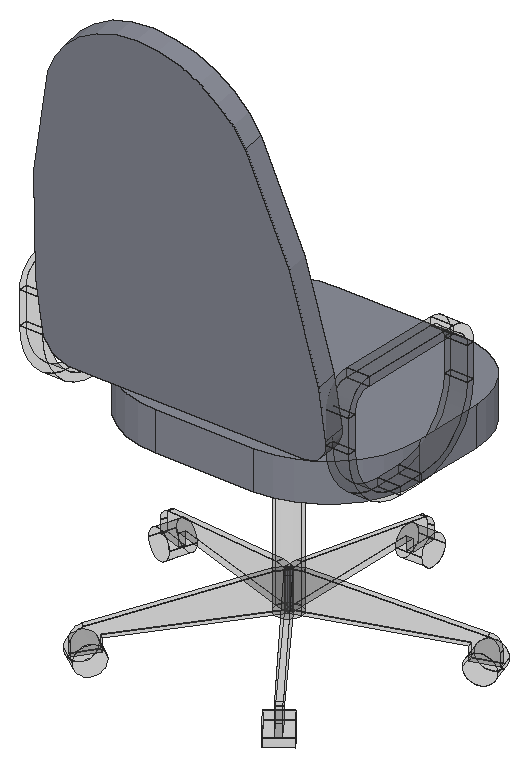
Revit family "Furniture Chair Executive", category Furniture, Revit 2019
Family settings
  Work Plane-Based = No
  Always vertical = Yes
  Cut with Voids When Loaded = No
  Shared = Yes
  Room Calculation Point = No
Parameters (values of type "Chair-Executive (M)")
  Base/Armd Material = Plastic - Black
  Caster Material = Plastic - Black
  Seat/Back Material = Textile - Slate Blue
Reference planes
  plane 1 "Center (Front/Back)": y = 18.946
  plane 2: z = 0
  plane 3 "Center (Left/Right)": x = 140.991
  plane 4: x = 458.491
  plane 5: x = -176.509
  plane 6: y = -323.954
  plane 7: y = 361.846
  plane 8: z = 1066.8
  plane 9: z = 457.2
  plane 10: x = 191.791
  plane 11: x = 90.191
  plane 12: through (0, -131.752, -23.231) normal (0, -0.9848, -0.1736)
  plane 13: x = 414.041
  plane 14: x = -132.059
Forms (mm)
  Extrusion 1, solid, material "Plastic - Black" <- "Base/Armd Material"
    sketch origin (191.791, 0, 0) x (0, -1, 0) y (0, 0, 1)
      loop
        line (19.154, 383.784) -> (-69.746, 383.784) -> (-69.746, 371.084) -> (-18.946, 283.095) -> (19.154, 283.095) -> (19.154, 383.784)
    from 0 to 101.6
  Extrusion 2, solid, material "Plastic - Black" <- "Base/Armd Material"
    sketch origin (140.991, 0, 0) x (0, 1, 0) y (0, 0, 1)
      loop
        line (18.946, 53.584) -> (311.046, 53.584) -> (311.046, 28.184) -> (361.846, 28.184) -> (361.846, 52.487)
        arc (361.846, 52.487) -> (355.903, 68.813) -> (340.857, 77.501) r 25.4
        line (340.857, 77.501) -> (44.346, 129.784) -> (18.946, 129.784) -> (18.946, 53.584)
    from 6.35 to -6.35
  Extrusion 3, solid, material "Plastic - Black" <- "Caster Material"
    sketch origin (140.991, 0, 0) x (0, 1, 0) y (0, 0, 1)
      loop
        circle (336.446, 28.184) r 28.2
    from 25.4 to -25.4
  Extrusion 4, solid, material "Plastic - Black" <- "Base/Armd Material"
    sketch origin (159.009, 13.091, 0) x (-0.951057, 0.309017, 0) y (0, 0, 1)
      loop
        line (18.946, 53.584) -> (311.046, 53.584) -> (311.046, 28.184) -> (361.846, 28.184) -> (361.846, 52.487)
        arc (361.846, 52.487) -> (355.903, 68.813) -> (340.857, 77.501) r 25.4
        line (340.857, 77.501) -> (44.346, 129.784) -> (18.946, 129.784) -> (18.946, 53.584)
    from 6.35 to -6.35
  Extrusion 5, solid, material "Plastic - Black" <- "Caster Material"
    sketch origin (159.009, 13.091, 0) x (-0.951057, 0.309017, 0) y (0, 0, 1)
      loop
        circle (336.446, 28.184) r 28.2
    from 25.4 to -25.4
  Extrusion 6, solid, material "Plastic - Black" <- "Base/Armd Material"
    sketch origin (152.127, 34.273, 0) x (-0.587785, -0.809017, 0) y (0, 0, 1)
      loop
        line (18.946, 53.584) -> (311.046, 53.584) -> (311.046, 28.184) -> (361.846, 28.184) -> (361.846, 52.487)
        arc (361.846, 52.487) -> (355.903, 68.813) -> (340.857, 77.501) r 25.4
        line (340.857, 77.501) -> (44.346, 129.784) -> (18.946, 129.784) -> (18.946, 53.584)
    from 6.35 to -6.35
  Extrusion 7, solid, material "Plastic - Black" <- "Caster Material"
    sketch origin (152.127, 34.273, 0) x (-0.587785, -0.809017, 0) y (0, 0, 1)
      loop
        circle (336.446, 28.184) r 28.2
    from 25.4 to -25.4
  Extrusion 8, solid, material "Plastic - Black" <- "Base/Armd Material"
    sketch origin (129.855, 34.273, 0) x (0.587785, -0.809017, 0) y (0, 0, 1)
      loop
        line (18.946, 53.584) -> (311.046, 53.584) -> (311.046, 28.184) -> (361.846, 28.184) -> (361.846, 52.487)
        arc (361.846, 52.487) -> (355.903, 68.813) -> (340.857, 77.501) r 25.4
        line (340.857, 77.501) -> (44.346, 129.784) -> (18.946, 129.784) -> (18.946, 53.584)
    from 6.35 to -6.35
  Extrusion 9, solid, material "Plastic - Black" <- "Caster Material"
    sketch origin (129.855, 34.273, 0) x (0.587785, -0.809017, 0) y (0, 0, 1)
      loop
        circle (336.446, 28.184) r 28.2
    from 25.4 to -25.4
  Extrusion 10, solid, material "Plastic - Black" <- "Base/Armd Material"
    sketch origin (122.972, 13.091, 0) x (0.951057, 0.309017, 0) y (0, 0, 1)
      loop
        line (18.946, 53.584) -> (311.046, 53.584) -> (311.046, 28.184) -> (361.846, 28.184) -> (361.846, 52.487)
        arc (361.846, 52.487) -> (355.903, 68.813) -> (340.857, 77.501) r 25.4
        line (340.857, 77.501) -> (44.346, 129.784) -> (18.946, 129.784) -> (18.946, 53.584)
    from 6.35 to -6.35
  Extrusion 11, solid, material "Plastic - Black" <- "Caster Material"
    sketch origin (122.972, 13.091, 0) x (0.951057, 0.309017, 0) y (0, 0, 1)
      loop
        circle (336.446, 28.184) r 28.2
    from 25.4 to -25.4
  Extrusion 12, solid, material "Plastic - Black" <- "Base/Armd Material"
    sketch origin (0, 0, 0) x (1, 0, 0) y (0, 1, 0)
      loop
        circle (140.991, 18.946) r 25.4
    from 53.584 to 384.175
  Extrusion 13, solid, material "Textile - Slate Blue" <- "Seat/Back Material"
    sketch origin (0, 0, 0) x (1, 0, 0) y (0, 1, 0)
      loop
        arc (20.341, 281.896) -> (-87.422, 237.259) -> (-132.059, 129.496) r 152.4
        line (-132.059, 129.496) -> (-132.059, -6.454)
        arc (-132.059, -6.454) -> (-79.983, -132.178) -> (45.741, -184.254) r 177.8
        line (45.741, -184.254) -> (236.241, -184.254)
        arc (236.241, -184.254) -> (361.964, -132.178) -> (414.041, -6.454) r 177.8
        line (414.041, -6.454) -> (414.041, 129.496)
        arc (414.041, 129.496) -> (369.404, 237.259) -> (261.641, 281.896) r 152.4
        line (261.641, 281.896) -> (20.341, 281.896)
    from 383.784 to 457.2
  Extrusion 14, solid, material "Textile - Slate Blue" <- "Seat/Back Material"
    sketch origin (0, -131.752, -23.231) x (0, 0.173648, -0.984808) y (1, 0, 0)
      loop
        line (-534.516, -81.259) -> (-534.516, 363.241)
        arc (-534.516, 363.241) -> (-549.395, 399.162) -> (-585.316, 414.041) r 50.8
        line (-585.316, 414.041) -> (-686.916, 414.041)
        arc (-686.916, 414.041) -> (-901.118, 387.762) -> (-1109.461, 331.491) r 1524
        arc (-1109.461, 331.491) -> (-1241.95, 140.991) -> (-1109.461, -49.509) r 203.2
        arc (-1109.461, -49.509) -> (-901.118, -105.781) -> (-686.916, -132.059) r 1524
        line (-686.916, -132.059) -> (-585.316, -132.059)
        arc (-585.316, -132.059) -> (-549.395, -117.18) -> (-534.516, -81.259) r 50.8
    from 0 to -38.1
  Sweep 15, solid, material "Plastic - Black" <- "Base/Armd Material"
    path origin (414.041, 0, 0) x (0, 1, 0) y (0, 0, 1)
      loop
        arc (-57.254, 419.1) -> (32.548, 456.297) -> (69.746, 546.1) r 127
        line (69.746, 546.1) -> (69.746, 609.6)
        arc (69.746, 609.6) -> (54.867, 645.521) -> (18.946, 660.4) r 50.8
        line (18.946, 660.4) -> (-184.254, 660.4)
        arc (-184.254, 660.4) -> (-220.175, 645.521) -> (-235.054, 609.6) r 50.8
        line (-235.054, 609.6) -> (-235.054, 546.1)
        arc (-235.054, 546.1) -> (-197.857, 456.297) -> (-108.054, 419.1) r 127
        line (-108.054, 419.1) -> (-57.254, 419.1)
    profile origin (414.041, -82.654, 0) x (0, 0, -1) y (1, 0, 0)
      loop
        line (-420.492, 0) -> (-420.492, 44.45) -> (-436.367, 44.45) -> (-436.367, 0) -> (-420.492, 0)
  Sweep 16, solid, material "Plastic - Black" <- "Base/Armd Material"
    path origin (-132.059, 0, 0) x (0, 1, 0) y (0, 0, 1)
      loop
        arc (-57.254, 419.1) -> (32.548, 456.297) -> (69.746, 546.1) r 127
        line (69.746, 546.1) -> (69.746, 609.6)
        arc (69.746, 609.6) -> (54.867, 645.521) -> (18.946, 660.4) r 50.8
        line (18.946, 660.4) -> (-184.254, 660.4)
        arc (-184.254, 660.4) -> (-220.175, 645.521) -> (-235.054, 609.6) r 50.8
        line (-235.054, 609.6) -> (-235.054, 546.1)
        arc (-235.054, 546.1) -> (-197.857, 456.297) -> (-108.054, 419.1) r 127
        line (-108.054, 419.1) -> (-57.254, 419.1)
    profile origin (-678.159, -82.654, 0) x (0, 0, -1) y (1, 0, 0)
      loop
        line (-420.492, 546.1) -> (-436.367, 546.1) -> (-436.367, 501.65) -> (-420.492, 501.65) -> (-420.492, 546.1)
Lines and regions (mm)
  symbolic lines
    curve 1: line (-100.255, -247.308, 0) -> (382.224, -247.308, 0)
    curve 2: line (-125.488, -222.074, 0) -> (-125.488, -176.966, 0)
    curve 3: line (-74.809, -126.288, 0) -> (356.784, -126.288, 0)
    curve 4: line (407.458, -222.075, 0) -> (407.458, -176.961, 0)
    curve 5: arc (-74.809, -126.288, 0) -> (-110.645, -141.131, 0) -> (-125.488, -176.966, 0) r 50.678
    curve 6: arc (356.784, -126.288, 0) -> (392.616, -141.13, 0) -> (407.458, -176.961, 0) r 50.674
    curve 7: arc (-125.488, -222.074, 0) -> (-118.097, -239.917, 0) -> (-100.255, -247.308, 0) r 25.233
    curve 8: arc (407.458, -222.075, 0) -> (400.067, -239.917, 0) -> (382.224, -247.308, 0) r 25.233
    curve 9: line (20.341, 281.896, 0) -> (261.641, 281.896, 0)
    curve 10: line (-132.059, 129.496, 0) -> (-132.059, -66.234, 0)
    curve 11: line (414.041, 129.496, 0) -> (414.041, -66.234, 0)
    curve 12: arc (20.341, 281.896, 0) -> (-87.422, 237.259, 0) -> (-132.059, 129.496, 0) r 152.4
    curve 13: arc (261.641, 281.896, 0) -> (369.404, 237.259, 0) -> (414.041, 129.496, 0) r 152.4
    curve 14: arc (414.041, -66.234, 0) -> (409.425, -106.485, 0) -> (395.817, -144.646, 0) r 177.8
    curve 15: arc (-132.059, -66.234, 0) -> (-127.444, -106.481, 0) -> (-113.838, -144.639, 0) r 177.8
    curve 16: line (115.591, 364.646, 0) -> (166.391, 364.646, 0)
    curve 17: line (115.591, 364.646, 0) -> (115.591, 308.246, 0)
    curve 18: line (115.591, 308.246, 0) -> (166.391, 308.246, 0)
    curve 19: line (166.391, 364.646, 0) -> (166.391, 308.246, 0)
    curve 20: line (413.964, 134.347, 0) -> (461.922, 149.93, 0)
    curve 21: line (461.922, 149.93, 0) -> (477.62, 101.616, 0)
    curve 22: line (477.62, 101.616, 0) -> (423.98, 84.188, 0)
    curve 23: line (423.98, 84.188, 0) -> (414.041, 114.778, 0)
    curve 24: line (303.039, -247.308, 0) -> (323.639, -275.661, 0)
    curve 25: line (323.639, -275.661, 0) -> (362.665, -247.308, 0)
    curve 26: line (-21.058, -247.308, 0) -> (-41.658, -275.661, 0)
    curve 27: line (-41.658, -275.661, 0) -> (-83.85, -247.308, 0)
    curve 28: line (-195.639, 101.616, 0) -> (-179.941, 149.93, 0)
    curve 29: line (-179.941, 149.93, 0) -> (-132.059, 129.496, 0)
    curve 30: line (-195.639, 101.616, 0) -> (-141.999, 84.188, 0)
    curve 31: line (-141.999, 84.188, 0) -> (-132.059, 104.415, 0)
    curve 32: line (134.641, 308.246, 0) -> (147.341, 308.246, 0)
    curve 33: line (134.641, 308.246, 0) -> (134.641, 281.896, 0)
    curve 34: line (134.641, 281.896, 0) -> (147.341, 281.896, 0)
    curve 35: line (147.341, 308.246, 0) -> (147.341, 281.896, 0)
    curve 36: line (-176.509, 68.354, 0) -> (-144.61, 68.354, 0)
    curve 37: line (-176.509, 68.354, 0) -> (-176.509, -184.254, 0)
    curve 38: line (-176.509, -184.254, 0) -> (-144.61, -184.254, 0)
    curve 39: line (-144.61, 68.354, 0) -> (-144.61, -184.254, 0)
    curve 40: line (458.491, 68.354, 0) -> (426.167, 68.354, 0)
    curve 41: line (458.491, 68.354, 0) -> (458.491, -184.254, 0)
    curve 42: line (458.491, -184.254, 0) -> (426.167, -184.254, 0)
    curve 43: line (426.167, 68.354, 0) -> (426.167, -184.254, 0)
Dimensions and locks
  equal spacing: plane 5, plane 3 "Center (Left/Right)", plane 4
  plane 5 to plane 4 = 635.00 mm
  equal spacing: plane 6, plane 1 "Center (Front/Back)", plane 7
  plane 6 to plane 7 = 685.80 mm
